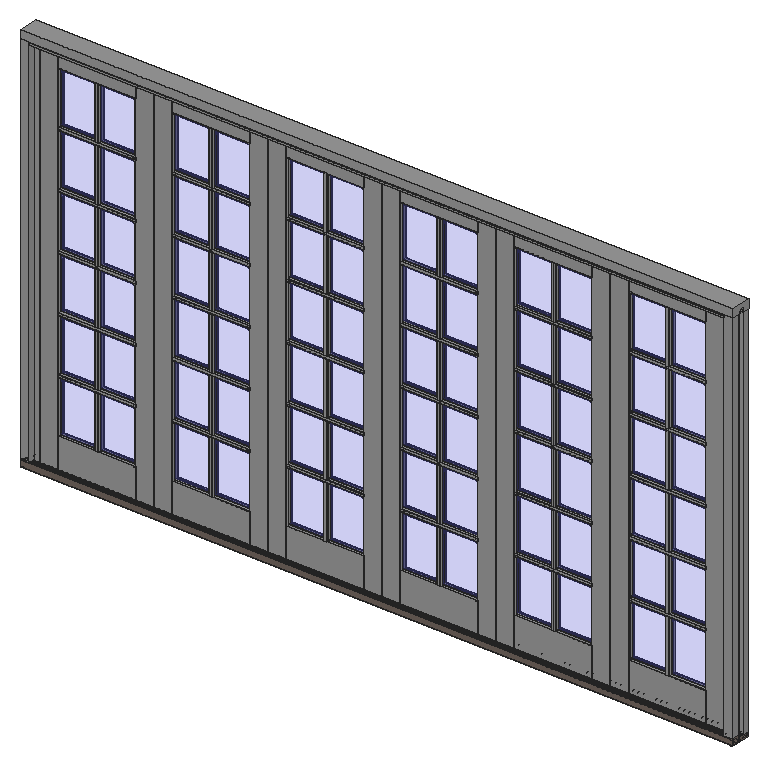
Revit family "VSFA 3820 SP", category Doors, host Wall, Revit 2015 (continued)
Automatic sketch dimensions
  profile plane to Sweep 98 sketch curve = 0.241 mm
  Sweep 98 sketch curve to Sweep 98 sketch curve = 6.759 mm
  Sweep 98 sketch curve to Sweep 98 sketch curve = 2 mm  (x2)
  Sweep 98 sketch curve to profile plane = 86 mm
  Sweep 98 sketch curve to Sweep 98 sketch curve = 6 mm
  Sweep 99 sketch curve to plane 16 = 298.5 mm
  Sweep 99 sketch curve to plane 16 = 96 mm
  level to Sweep 99 sketch curve = 486.988 mm
  Sweep 99 sketch curve to Sweep 99 sketch curve = 284 mm
  profile plane to Sweep 99 sketch curve = 0 mm
  profile plane to Sweep 99 sketch curve = 0.241 mm
  Sweep 99 sketch curve to Sweep 99 sketch curve = 6.759 mm
  Sweep 99 sketch curve to Sweep 99 sketch curve = 2 mm  (x2)
  Sweep 99 sketch curve to profile plane = 86 mm
  Sweep 99 sketch curve to Sweep 99 sketch curve = 6 mm
  host wall to Extrusion 100 sketch curve = 5.5 mm  (x2)
  plane 15 to Extrusion 100 sketch curve = 289.5 mm
  Extrusion 100 sketch curve to Extrusion 100 sketch curve = 2 mm  (x5)
  Extrusion 100 sketch curve to Extrusion 100 sketch curve = 6.759 mm  (x2)
  Extrusion 100 sketch curve to Extrusion 100 sketch curve = 0.241 mm  (x3)
  Extrusion 100 sketch curve to Extrusion 100 sketch curve = 13 mm  (x2)
  Extrusion 100 sketch curve to Extrusion 100 sketch curve = 1.197 mm  (x2)
  Extrusion 100 sketch curve to host wall = 24.5 mm
  plane 15 to Sweep 101 sketch curve = 96.012 mm
  Sweep 101 sketch curve to Sweep 101 sketch curve = 202.5 mm
  level to Sweep 101 sketch curve = 486.988 mm
  Sweep 101 sketch curve to Sweep 101 sketch curve = 284 mm
  profile plane to Sweep 101 sketch curve = 0 mm
  profile plane to Sweep 101 sketch curve = 0.241 mm
  Sweep 101 sketch curve to Sweep 101 sketch curve = 6.759 mm
  Sweep 101 sketch curve to Sweep 101 sketch curve = 2 mm  (x2)
  Sweep 101 sketch curve to profile plane = 86 mm
  Sweep 101 sketch curve to Sweep 101 sketch curve = 6 mm
  Sweep 102 sketch curve to plane 16 = 298.5 mm
  Sweep 102 sketch curve to plane 16 = 96 mm
  level to Sweep 102 sketch curve = 783.988 mm
  Sweep 102 sketch curve to Sweep 102 sketch curve = 284 mm
  profile plane to Sweep 102 sketch curve = 0 mm
  profile plane to Sweep 102 sketch curve = 0.241 mm
  Sweep 102 sketch curve to Sweep 102 sketch curve = 6.759 mm
  Sweep 102 sketch curve to Sweep 102 sketch curve = 2 mm  (x2)
  Sweep 102 sketch curve to profile plane = 86 mm
  Sweep 102 sketch curve to Sweep 102 sketch curve = 6 mm
  host wall to Extrusion 103 sketch curve = 5.5 mm  (x2)
  plane 15 to Extrusion 103 sketch curve = 289.5 mm
  Extrusion 103 sketch curve to Extrusion 103 sketch curve = 2 mm  (x5)
  Extrusion 103 sketch curve to Extrusion 103 sketch curve = 6.759 mm  (x2)
  Extrusion 103 sketch curve to Extrusion 103 sketch curve = 0.241 mm  (x3)
  Extrusion 103 sketch curve to Extrusion 103 sketch curve = 13 mm  (x2)
  Extrusion 103 sketch curve to Extrusion 103 sketch curve = 1.197 mm  (x2)
  Extrusion 103 sketch curve to host wall = 24.5 mm
  plane 15 to Sweep 104 sketch curve = 96.012 mm
  Sweep 104 sketch curve to Sweep 104 sketch curve = 202.5 mm
  level to Sweep 104 sketch curve = 783.988 mm
  Sweep 104 sketch curve to Sweep 104 sketch curve = 284 mm
  profile plane to Sweep 104 sketch curve = 0 mm
  profile plane to Sweep 104 sketch curve = 0.241 mm
  Sweep 104 sketch curve to Sweep 104 sketch curve = 6.759 mm
  Sweep 104 sketch curve to Sweep 104 sketch curve = 2 mm  (x2)
  Sweep 104 sketch curve to profile plane = 86 mm
  Sweep 104 sketch curve to Sweep 104 sketch curve = 6 mm
  Sweep 105 sketch curve to plane 16 = 298.5 mm
  Sweep 105 sketch curve to plane 16 = 96 mm
  plane 5 to Sweep 105 sketch curve = 1019.012 mm
  Sweep 105 sketch curve to Sweep 105 sketch curve = 284 mm
  profile plane to Sweep 105 sketch curve = 0 mm
  profile plane to Sweep 105 sketch curve = 0.241 mm
  Sweep 105 sketch curve to Sweep 105 sketch curve = 6.759 mm
  Sweep 105 sketch curve to Sweep 105 sketch curve = 2 mm  (x2)
  Sweep 105 sketch curve to profile plane = 86 mm
  Sweep 105 sketch curve to Sweep 105 sketch curve = 6 mm
  host wall to Extrusion 106 sketch curve = 5.5 mm  (x2)
  plane 15 to Extrusion 106 sketch curve = 289.5 mm
  Extrusion 106 sketch curve to Extrusion 106 sketch curve = 2 mm  (x5)
  Extrusion 106 sketch curve to Extrusion 106 sketch curve = 6.759 mm  (x2)
  Extrusion 106 sketch curve to Extrusion 106 sketch curve = 0.241 mm  (x3)
  Extrusion 106 sketch curve to Extrusion 106 sketch curve = 13 mm  (x2)
  Extrusion 106 sketch curve to Extrusion 106 sketch curve = 1.197 mm  (x2)
  Extrusion 106 sketch curve to host wall = 24.5 mm
  plane 15 to Sweep 107 sketch curve = 96.012 mm
  Sweep 107 sketch curve to Sweep 107 sketch curve = 202.5 mm
  plane 5 to Sweep 107 sketch curve = 1019.012 mm
  Sweep 107 sketch curve to Sweep 107 sketch curve = 284 mm
  profile plane to Sweep 107 sketch curve = 0 mm
  profile plane to Sweep 107 sketch curve = 0.241 mm
  Sweep 107 sketch curve to Sweep 107 sketch curve = 6.759 mm
  Sweep 107 sketch curve to Sweep 107 sketch curve = 2 mm  (x2)
  Sweep 107 sketch curve to profile plane = 86 mm
  Sweep 107 sketch curve to Sweep 107 sketch curve = 6 mm
  Sweep 108 sketch curve to plane 16 = 298.5 mm
  Sweep 108 sketch curve to plane 16 = 96 mm
  plane 5 to Sweep 108 sketch curve = 722.012 mm
  Sweep 108 sketch curve to Sweep 108 sketch curve = 284 mm
  profile plane to Sweep 108 sketch curve = 0 mm
  profile plane to Sweep 108 sketch curve = 0.241 mm
  Sweep 108 sketch curve to Sweep 108 sketch curve = 6.759 mm
  Sweep 108 sketch curve to Sweep 108 sketch curve = 2 mm  (x2)
  Sweep 108 sketch curve to profile plane = 86 mm
  Sweep 108 sketch curve to Sweep 108 sketch curve = 6 mm
  host wall to Extrusion 109 sketch curve = 5.5 mm  (x2)
  plane 15 to Extrusion 109 sketch curve = 289.5 mm
  Extrusion 109 sketch curve to Extrusion 109 sketch curve = 2 mm  (x5)
  Extrusion 109 sketch curve to Extrusion 109 sketch curve = 6.759 mm  (x2)
  Extrusion 109 sketch curve to Extrusion 109 sketch curve = 0.241 mm  (x3)
  Extrusion 109 sketch curve to Extrusion 109 sketch curve = 13 mm  (x2)
  Extrusion 109 sketch curve to Extrusion 109 sketch curve = 1.197 mm  (x2)
  Extrusion 109 sketch curve to host wall = 24.5 mm
  plane 15 to Sweep 110 sketch curve = 96.012 mm
  Sweep 110 sketch curve to Sweep 110 sketch curve = 202.5 mm
  plane 5 to Sweep 110 sketch curve = 722.012 mm
  Sweep 110 sketch curve to Sweep 110 sketch curve = 284 mm
  profile plane to Sweep 110 sketch curve = 0 mm
  profile plane to Sweep 110 sketch curve = 0.241 mm
  Sweep 110 sketch curve to Sweep 110 sketch curve = 6.759 mm
  Sweep 110 sketch curve to Sweep 110 sketch curve = 2 mm  (x2)
  Sweep 110 sketch curve to profile plane = 86 mm
  Sweep 110 sketch curve to Sweep 110 sketch curve = 6 mm
  Sweep 111 sketch curve to plane 16 = 298.5 mm
  Sweep 111 sketch curve to plane 16 = 96 mm
  plane 5 to Sweep 111 sketch curve = 425.012 mm
  plane 5 to Sweep 111 sketch curve = 141.012 mm
  profile plane to Sweep 111 sketch curve = 0 mm
  profile plane to Sweep 111 sketch curve = 0.241 mm
  Sweep 111 sketch curve to Sweep 111 sketch curve = 6.759 mm
  Sweep 111 sketch curve to Sweep 111 sketch curve = 2 mm  (x2)
  Sweep 111 sketch curve to profile plane = 86 mm
  Sweep 111 sketch curve to Sweep 111 sketch curve = 6 mm
  host wall to Extrusion 112 sketch curve = 5.5 mm  (x2)
  plane 15 to Extrusion 112 sketch curve = 289.5 mm
  Extrusion 112 sketch curve to Extrusion 112 sketch curve = 2 mm  (x5)
  Extrusion 112 sketch curve to Extrusion 112 sketch curve = 6.759 mm  (x2)
  Extrusion 112 sketch curve to Extrusion 112 sketch curve = 0.241 mm  (x3)
  Extrusion 112 sketch curve to Extrusion 112 sketch curve = 13 mm  (x2)
  Extrusion 112 sketch curve to Extrusion 112 sketch curve = 1.197 mm  (x2)
  Extrusion 112 sketch curve to host wall = 24.5 mm
  plane 15 to Sweep 113 sketch curve = 96.012 mm
  Sweep 113 sketch curve to Sweep 113 sketch curve = 202.5 mm
  plane 5 to Sweep 113 sketch curve = 425.012 mm
  plane 5 to Sweep 113 sketch curve = 141.012 mm
  profile plane to Sweep 113 sketch curve = 0 mm
  profile plane to Sweep 113 sketch curve = 0.241 mm
  Sweep 113 sketch curve to Sweep 113 sketch curve = 6.759 mm
  Sweep 113 sketch curve to Sweep 113 sketch curve = 2 mm  (x2)
  Sweep 113 sketch curve to profile plane = 86 mm
  Sweep 113 sketch curve to Sweep 113 sketch curve = 6 mm
  host wall to Extrusion 114 sketch curve = 15.5 mm  (x7)
  Extrusion 114 sketch curve to Extrusion 114 sketch curve = 2 mm  (x28)
  host wall to Extrusion 114 sketch curve = 7.5 mm  (x12)
  host wall to Extrusion 114 sketch curve = 6.697 mm  (x12)
  Extrusion 114 sketch curve to Extrusion 114 sketch curve = 1.197 mm  (x8)
  Extrusion 114 sketch curve to host wall = 24.5 mm  (x7)
  level to Extrusion 114 sketch curve = 19 mm
  Extrusion 114 sketch curve to Extrusion 114 sketch curve = 171 mm
  Extrusion 114 sketch curve to Extrusion 114 sketch curve = 0 mm  (x4)
  Extrusion 114 sketch curve to Extrusion 114 sketch curve = 0.241 mm  (x12)
  Extrusion 114 sketch curve to Extrusion 114 sketch curve = 266 mm  (x5)
  Extrusion 114 sketch curve to Extrusion 114 sketch curve = 6.759 mm  (x6)
  Extrusion 114 sketch curve to Extrusion 114 sketch curve = 13 mm  (x7)
  plane 5 to Extrusion 114 sketch curve = 150 mm
  plane 5 to Extrusion 114 sketch curve = 45 mm
  Sweep 115 sketch curve to plane 2 "Center (Left/Right)" = 298.5 mm
  Sweep 115 sketch curve to plane 2 "Center (Left/Right)" = 96 mm
  Sweep 115 sketch curve to Sweep 115 sketch curve = 284 mm
  profile plane to Sweep 115 sketch curve = 0 mm
  profile plane to Sweep 115 sketch curve = 0.241 mm
  Sweep 115 sketch curve to Sweep 115 sketch curve = 6.759 mm
  Sweep 115 sketch curve to Sweep 115 sketch curve = 2 mm  (x2)
  Sweep 115 sketch curve to profile plane = 86 mm
  Sweep 115 sketch curve to Sweep 115 sketch curve = 6 mm
  plane 17 to Extrusion 116 sketch curve = 96 mm  (x5)
  Extrusion 116 sketch curve to Extrusion 116 sketch curve = 0 mm  (x12)
  Extrusion 116 sketch curve to Extrusion 116 sketch curve = 202.5 mm  (x4)
  Extrusion 116 sketch curve to Extrusion 116 sketch curve = 13 mm  (x11)
  Extrusion 116 sketch curve to plane 2 "Center (Left/Right)" = 96.012 mm  (x3)
  level to Extrusion 116 sketch curve = 190 mm
  level to Extrusion 116 sketch curve = 190.01 mm
  Extrusion 116 sketch curve to Extrusion 116 sketch curve = 284 mm  (x5)
  Extrusion 116 sketch curve to Extrusion 116 sketch curve = 13.01 mm  (x4)
  Extrusion 116 sketch curve to Extrusion 116 sketch curve = 0.01 mm
  plane 5 to Extrusion 116 sketch curve = 141 mm
  host wall to Extrusion 117 sketch curve = 5.5 mm  (x2)
  plane 17 to Extrusion 117 sketch curve = 289.5 mm
  Extrusion 117 sketch curve to Extrusion 117 sketch curve = 2 mm  (x5)
  Extrusion 117 sketch curve to Extrusion 117 sketch curve = 6.759 mm  (x2)
  Extrusion 117 sketch curve to Extrusion 117 sketch curve = 0.241 mm  (x3)
  Extrusion 117 sketch curve to Extrusion 117 sketch curve = 13 mm  (x2)
  Extrusion 117 sketch curve to Extrusion 117 sketch curve = 1.197 mm  (x2)
  Extrusion 117 sketch curve to host wall = 24.5 mm
  plane 17 to Sweep 118 sketch curve = 96.012 mm
  Sweep 118 sketch curve to Sweep 118 sketch curve = 202.5 mm
  level to Sweep 118 sketch curve = 190 mm
  Sweep 118 sketch curve to Sweep 118 sketch curve = 284 mm
  profile plane to Sweep 118 sketch curve = 0 mm
  profile plane to Sweep 118 sketch curve = 0.241 mm
  Sweep 118 sketch curve to Sweep 118 sketch curve = 6.759 mm
  Sweep 118 sketch curve to Sweep 118 sketch curve = 2 mm  (x2)
  Sweep 118 sketch curve to profile plane = 86 mm
  Sweep 118 sketch curve to Sweep 118 sketch curve = 6 mm
  Sweep 119 sketch curve to plane 2 "Center (Left/Right)" = 298.5 mm
  Sweep 119 sketch curve to plane 2 "Center (Left/Right)" = 96 mm
  level to Sweep 119 sketch curve = 486.988 mm
  Sweep 119 sketch curve to Sweep 119 sketch curve = 284 mm
  profile plane to Sweep 119 sketch curve = 0 mm
  profile plane to Sweep 119 sketch curve = 0.241 mm
  Sweep 119 sketch curve to Sweep 119 sketch curve = 6.759 mm
  Sweep 119 sketch curve to Sweep 119 sketch curve = 2 mm  (x2)
  Sweep 119 sketch curve to profile plane = 86 mm
  Sweep 119 sketch curve to Sweep 119 sketch curve = 6 mm
  host wall to Extrusion 120 sketch curve = 5.5 mm  (x2)
  plane 17 to Extrusion 120 sketch curve = 289.5 mm
  Extrusion 120 sketch curve to Extrusion 120 sketch curve = 2 mm  (x5)
  Extrusion 120 sketch curve to Extrusion 120 sketch curve = 6.759 mm  (x2)
  Extrusion 120 sketch curve to Extrusion 120 sketch curve = 0.241 mm  (x3)
  Extrusion 120 sketch curve to Extrusion 120 sketch curve = 13 mm  (x2)
  Extrusion 120 sketch curve to Extrusion 120 sketch curve = 1.197 mm  (x2)
  Extrusion 120 sketch curve to host wall = 24.5 mm
  plane 17 to Sweep 121 sketch curve = 96.012 mm
  Sweep 121 sketch curve to Sweep 121 sketch curve = 202.5 mm
  level to Sweep 121 sketch curve = 486.988 mm
  Sweep 121 sketch curve to Sweep 121 sketch curve = 284 mm
  profile plane to Sweep 121 sketch curve = 0 mm
  profile plane to Sweep 121 sketch curve = 0.241 mm
  Sweep 121 sketch curve to Sweep 121 sketch curve = 6.759 mm
  Sweep 121 sketch curve to Sweep 121 sketch curve = 2 mm  (x2)
  Sweep 121 sketch curve to profile plane = 86 mm
  Sweep 121 sketch curve to Sweep 121 sketch curve = 6 mm
  Sweep 122 sketch curve to plane 2 "Center (Left/Right)" = 298.5 mm
  Sweep 122 sketch curve to plane 2 "Center (Left/Right)" = 96 mm
  level to Sweep 122 sketch curve = 783.988 mm
  Sweep 122 sketch curve to Sweep 122 sketch curve = 284 mm
  profile plane to Sweep 122 sketch curve = 0 mm
  profile plane to Sweep 122 sketch curve = 0.241 mm
  Sweep 122 sketch curve to Sweep 122 sketch curve = 6.759 mm
  Sweep 122 sketch curve to Sweep 122 sketch curve = 2 mm  (x2)
  Sweep 122 sketch curve to profile plane = 86 mm
  Sweep 122 sketch curve to Sweep 122 sketch curve = 6 mm
  host wall to Extrusion 123 sketch curve = 5.5 mm  (x2)
  plane 17 to Extrusion 123 sketch curve = 289.5 mm
  Extrusion 123 sketch curve to Extrusion 123 sketch curve = 2 mm  (x5)
  Extrusion 123 sketch curve to Extrusion 123 sketch curve = 6.759 mm  (x2)
  Extrusion 123 sketch curve to Extrusion 123 sketch curve = 0.241 mm  (x3)
  Extrusion 123 sketch curve to Extrusion 123 sketch curve = 13 mm  (x2)
  Extrusion 123 sketch curve to Extrusion 123 sketch curve = 1.197 mm  (x2)
  Extrusion 123 sketch curve to host wall = 24.5 mm
  plane 17 to Sweep 124 sketch curve = 96.012 mm
  Sweep 124 sketch curve to Sweep 124 sketch curve = 202.5 mm
  level to Sweep 124 sketch curve = 783.988 mm
  Sweep 124 sketch curve to Sweep 124 sketch curve = 284 mm
  profile plane to Sweep 124 sketch curve = 0 mm
  profile plane to Sweep 124 sketch curve = 0.241 mm
  Sweep 124 sketch curve to Sweep 124 sketch curve = 6.759 mm
  Sweep 124 sketch curve to Sweep 124 sketch curve = 2 mm  (x2)
  Sweep 124 sketch curve to profile plane = 86 mm
  Sweep 124 sketch curve to Sweep 124 sketch curve = 6 mm
  Sweep 125 sketch curve to plane 2 "Center (Left/Right)" = 298.5 mm
  Sweep 125 sketch curve to plane 2 "Center (Left/Right)" = 96 mm
  plane 5 to Sweep 125 sketch curve = 1019.012 mm
  Sweep 125 sketch curve to Sweep 125 sketch curve = 284 mm
  profile plane to Sweep 125 sketch curve = 0 mm
  profile plane to Sweep 125 sketch curve = 0.241 mm
  Sweep 125 sketch curve to Sweep 125 sketch curve = 6.759 mm
  Sweep 125 sketch curve to Sweep 125 sketch curve = 2 mm  (x2)
  Sweep 125 sketch curve to profile plane = 86 mm
  Sweep 125 sketch curve to Sweep 125 sketch curve = 6 mm
  host wall to Extrusion 126 sketch curve = 5.5 mm  (x2)
  plane 17 to Extrusion 126 sketch curve = 289.5 mm
  Extrusion 126 sketch curve to Extrusion 126 sketch curve = 2 mm  (x5)
  Extrusion 126 sketch curve to Extrusion 126 sketch curve = 6.759 mm  (x2)
  Extrusion 126 sketch curve to Extrusion 126 sketch curve = 0.241 mm  (x3)
  Extrusion 126 sketch curve to Extrusion 126 sketch curve = 13 mm  (x2)
  Extrusion 126 sketch curve to Extrusion 126 sketch curve = 1.197 mm  (x2)
  Extrusion 126 sketch curve to host wall = 24.5 mm
  plane 17 to Sweep 127 sketch curve = 96.012 mm
  Sweep 127 sketch curve to Sweep 127 sketch curve = 202.5 mm
  plane 5 to Sweep 127 sketch curve = 1019.012 mm
  Sweep 127 sketch curve to Sweep 127 sketch curve = 284 mm
  profile plane to Sweep 127 sketch curve = 0 mm
  profile plane to Sweep 127 sketch curve = 0.241 mm
  Sweep 127 sketch curve to Sweep 127 sketch curve = 6.759 mm
  Sweep 127 sketch curve to Sweep 127 sketch curve = 2 mm  (x2)
  Sweep 127 sketch curve to profile plane = 86 mm
  Sweep 127 sketch curve to Sweep 127 sketch curve = 6 mm
  Sweep 128 sketch curve to plane 2 "Center (Left/Right)" = 298.5 mm
  Sweep 128 sketch curve to plane 2 "Center (Left/Right)" = 96 mm
  plane 5 to Sweep 128 sketch curve = 722.012 mm
  Sweep 128 sketch curve to Sweep 128 sketch curve = 284 mm
  profile plane to Sweep 128 sketch curve = 0 mm
  profile plane to Sweep 128 sketch curve = 0.241 mm
  Sweep 128 sketch curve to Sweep 128 sketch curve = 6.759 mm
  Sweep 128 sketch curve to Sweep 128 sketch curve = 2 mm  (x2)
  Sweep 128 sketch curve to profile plane = 86 mm
  Sweep 128 sketch curve to Sweep 128 sketch curve = 6 mm
  host wall to Extrusion 129 sketch curve = 5.5 mm  (x2)
  plane 17 to Extrusion 129 sketch curve = 289.5 mm
  Extrusion 129 sketch curve to Extrusion 129 sketch curve = 2 mm  (x5)
  Extrusion 129 sketch curve to Extrusion 129 sketch curve = 6.759 mm  (x2)
  Extrusion 129 sketch curve to Extrusion 129 sketch curve = 0.241 mm  (x3)
  Extrusion 129 sketch curve to Extrusion 129 sketch curve = 13 mm  (x2)
  Extrusion 129 sketch curve to Extrusion 129 sketch curve = 1.197 mm  (x2)
  Extrusion 129 sketch curve to host wall = 24.5 mm
  plane 17 to Sweep 130 sketch curve = 96.012 mm
  Sweep 130 sketch curve to Sweep 130 sketch curve = 202.5 mm
  plane 5 to Sweep 130 sketch curve = 722.012 mm
  Sweep 130 sketch curve to Sweep 130 sketch curve = 284 mm
  profile plane to Sweep 130 sketch curve = 0 mm
  profile plane to Sweep 130 sketch curve = 0.241 mm
  Sweep 130 sketch curve to Sweep 130 sketch curve = 6.759 mm
  Sweep 130 sketch curve to Sweep 130 sketch curve = 2 mm  (x2)
  Sweep 130 sketch curve to profile plane = 86 mm
  Sweep 130 sketch curve to Sweep 130 sketch curve = 6 mm
  Sweep 131 sketch curve to plane 2 "Center (Left/Right)" = 298.5 mm
  Sweep 131 sketch curve to plane 2 "Center (Left/Right)" = 96 mm
  plane 5 to Sweep 131 sketch curve = 425.012 mm
  plane 5 to Sweep 131 sketch curve = 141.012 mm
  profile plane to Sweep 131 sketch curve = 0 mm
  profile plane to Sweep 131 sketch curve = 0.241 mm
  Sweep 131 sketch curve to Sweep 131 sketch curve = 6.759 mm
  Sweep 131 sketch curve to Sweep 131 sketch curve = 2 mm  (x2)
  Sweep 131 sketch curve to profile plane = 86 mm
  Sweep 131 sketch curve to Sweep 131 sketch curve = 6 mm
  host wall to Extrusion 132 sketch curve = 5.5 mm  (x2)
  plane 17 to Extrusion 132 sketch curve = 289.5 mm
  Extrusion 132 sketch curve to Extrusion 132 sketch curve = 2 mm  (x5)
  Extrusion 132 sketch curve to Extrusion 132 sketch curve = 6.759 mm  (x2)
  Extrusion 132 sketch curve to Extrusion 132 sketch curve = 0.241 mm  (x3)
  Extrusion 132 sketch curve to Extrusion 132 sketch curve = 13 mm  (x2)
  Extrusion 132 sketch curve to Extrusion 132 sketch curve = 1.197 mm  (x2)
  Extrusion 132 sketch curve to host wall = 24.5 mm
  plane 17 to Sweep 133 sketch curve = 96.012 mm
  Sweep 133 sketch curve to Sweep 133 sketch curve = 202.5 mm
  plane 5 to Sweep 133 sketch curve = 425.012 mm
  plane 5 to Sweep 133 sketch curve = 141.012 mm
  profile plane to Sweep 133 sketch curve = 0 mm
  profile plane to Sweep 133 sketch curve = 0.241 mm
  Sweep 133 sketch curve to Sweep 133 sketch curve = 6.759 mm
  Sweep 133 sketch curve to Sweep 133 sketch curve = 2 mm  (x2)
  Sweep 133 sketch curve to profile plane = 86 mm
  Sweep 133 sketch curve to Sweep 133 sketch curve = 6 mm
